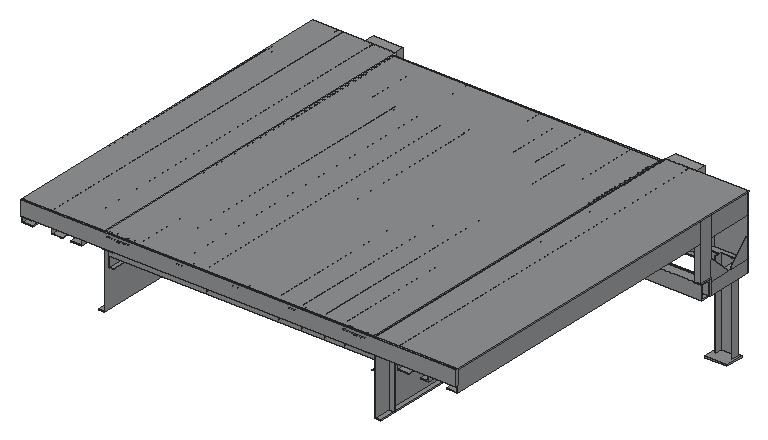
Revit family "ASSA_ABLOY_DockLeveler_DL6120TA", category Generic Models, Revit 2019 (continued)
Dimensions and locks
  plane 4 to SweptBlend 54 sketch curve = 10 mm
  SweptBlend 54 sketch curve to plane 4 = 15.5 mm  (x2)
  SweptBlend 54 sketch curve to plane 4 = 20.5 mm  (x2)
  plane 5 to SweptBlend 53 sketch curve = 15.5 mm
  plane 21 "DoorHeight" to SweptBlend 54 sketch curve = 5 mm
  Sweep 2 to SweptBlend 54 sketch curve = 489 mm
  plane 21 "DoorHeight" to SweptBlend 53 sketch curve = 5 mm
  plane 21 "DoorHeight" to SweptBlend 53 sketch curve = 495 mm
  locked: plane 21 "DoorHeight" to plane 85 at 125
  locked: plane 21 "DoorHeight" to plane 88 at 125
  locked: plane 21 "DoorHeight" to plane 52 at 27.478
  locked: plane 21 "DoorHeight" to plane 56 at 27.457
  plane 6 "Right" to Sweep 16 sketch curve = 13 mm
  Sweep 16 sketch curve to plane 7 "Left" = 13 mm
  "L1Plinth": plane 90 to plane 8 "Back"
  equal spacing: plane 92, plane 3 "Center (Left/Right)", plane 91
  "BetweenPlinth": plane 92 to plane 91
  equal spacing: Sweep 18 sketch curve, Sweep 18 sketch curve, Sweep 18 sketch curve, Sweep 18 sketch curve  (x2)
  equal spacing: Sweep 19 sketch curve, plane 90, Sweep 19 sketch curve  (x2)
  plane 1 "Front" to plane 26 = 75 mm
  "BFive": plane 5 to plane 93
  plane 1 "Front" to Sweep 57 sketch curve = 6 mm
  plane 94 to plane 9 = 40 mm
  "BSix": plane 97 to plane 98
  "BFive": plane 5 to plane 97
  "BFive": plane 100 to plane 4
  "BSix": plane 99 to plane 100
  Sweep 58 sketch curve to Sweep 58 sketch curve = 170 mm
  Sweep 58 sketch curve to Sweep 58 sketch curve = 90 mm
  Sweep 58 sketch curve to Sweep 58 sketch curve = 3 mm  (x2)
  plane 6 "Right" to Sweep 58 sketch curve = 13 mm
  "L1PlinthAngle": plane 90 to plane 101
  Sweep 59 sketch curve to Sweep 59 sketch curve = 12 mm
  Sweep 59 sketch curve to Sweep 59 sketch curve to plane 6 "Right" = 180 mm, 15 mm
  Sweep 59 sketch curve to plane 101 to Sweep 59 sketch curve = 75 mm, 75 mm
  Sweep 59 sketch curve to Sweep 59 sketch curve = 150 mm
  Sweep 60 sketch curve to plane 2 "Ground" = 12 mm
  Sweep 60 sketch curve to Sweep 60 sketch curve to Sweep 60 sketch curve to Sweep 60 sketch curve to plane 6 "Right" = 6 mm, 128 mm, 6 mm, 35 mm
  Sweep 60 sketch curve to Sweep 60 sketch curve to Sweep 60 sketch curve to plane 101 = 6 mm, 54 mm, 5 mm
  Sweep 60 sketch curve to plane 101 = 5 mm
  diameter of Sweep 24 sketch curve = 34.5 mm
  diameter of Sweep 24 sketch curve = 44.5 mm
  diameter of Sweep 23 sketch curve = 34.5 mm
  diameter of Sweep 23 sketch curve = 44.5 mm
  radius of Sweep 30 sketch curve = 21 mm  (x2)
  diameter of Sweep 31 sketch curve = 42 mm  (x2)
  diameter of Sweep 32 sketch curve = 42 mm  (x2)
  radius of Sweep 33 sketch curve = 13 mm
  radius of Sweep 33 sketch curve = 21 mm
  radius of Sweep 34 sketch curve = 13 mm
  radius of Sweep 34 sketch curve = 21 mm
  radius of Sweep 35 sketch curve = 13 mm
  radius of Sweep 35 sketch curve = 21 mm
  radius of Sweep 36 sketch curve = 13 mm
  radius of Sweep 36 sketch curve = 21 mm
  radius of Sweep 46 sketch curve = 25 mm
  radius of Sweep 47 sketch curve = 25 mm
  radius of Sweep 48 sketch curve = 15 mm
  radius of Sweep 49 sketch curve = 15 mm
  radius of Sweep 50 sketch curve = 15 mm
  radius of Sweep 51 sketch curve = 15 mm
  radius of Sweep 52 sketch curve = 9 mm
  radius of Extrusion 55 sketch curve = 31 mm  (x2)
  radius of Extrusion 56 sketch curve = 31 mm  (x2)
  "InstallationAngleLeft": angle plane 7 "Left" to curve 1
  aligned and locked: level to plane 2 "Ground"
  aligned and locked: plane 9 to curve 1
  aligned and locked: plane 7 "Left" to curve 1
  aligned and locked: Sweep 2 sketch curve to plane 11
  aligned and locked: plane 10 to Sweep 2 sketch curve
  aligned and locked: plane 12 to Sweep 2 sketch curve
  aligned and locked: Sweep 2 sketch curve to plane 13
  aligned and locked: plane 14 to Sweep 4 sketch curve
  aligned and locked: Sweep 4 sketch curve to plane 15  (x2)
  aligned and locked: plane 15 to Sweep 4 sketch curve  (x2)
  aligned and locked: Sweep 4 sketch curve to plane 16  (x2)
  aligned and locked: plane 19 to Sweep 4 sketch curve
  aligned and locked: plane 20 to Sweep 4 sketch curve
  aligned and locked: plane 18 to Sweep 4 sketch curve
  aligned and locked: plane 17 to Sweep 4 sketch curve
  aligned and locked: plane 22 "LevelerHeight" to Sweep 3 sketch curve
  aligned and locked: Sweep 3 sketch curve to plane 22 "LevelerHeight"
  aligned and locked: plane 23 to Sweep 2 sketch curve  (x2)
  aligned and locked: Sweep 2 sketch curve to plane 21 "DoorHeight"  (x2)
  aligned and locked: plane 21 "DoorHeight" to Extrusion 1
  aligned and locked: Extrusion 1 to plane 23
  aligned and locked: Sweep 5 sketch curve to plane 22 "LevelerHeight"
  aligned and locked: plane 22 "LevelerHeight" to Sweep 5 sketch curve
  aligned and locked: Sweep 6 sketch curve to Sweep 4  (x12)
  aligned and locked: Sweep 6 sketch curve to Sweep 3  (x3)
  aligned and locked: Sweep 4 to Sweep 6 sketch curve
  aligned and locked: plane 22 "LevelerHeight" to Sweep 7 sketch curve
  aligned and locked: plane 23 to Sweep 7 sketch curve
  aligned and locked: Sweep 7 sketch curve to Sweep 2  (x2)
  aligned and locked: Sweep 2 to Sweep 7 sketch curve  (x2)
  aligned and locked: Sweep 8 sketch curve to plane 22 "LevelerHeight"  (x3)
  aligned and locked: plane 22 "LevelerHeight" to Sweep 8 sketch curve  (x2)
  aligned and locked: Sweep 9 sketch curve to plane 22 "LevelerHeight"
  aligned and locked: plane 22 "LevelerHeight" to Sweep 10 sketch curve
  aligned and locked: Sweep 10 sketch curve to Sweep 8
  aligned and locked: plane 6 "Right" to Extrusion 1 sketch curve
  aligned and locked: curve 1 to Extrusion 1 sketch curve
  aligned and locked: Sweep 12 sketch curve to plane 23  (x2)
  aligned and locked: plane 22 "LevelerHeight" to Sweep 14 sketch curve
  aligned and locked: Sweep 14 sketch curve to plane 22 "LevelerHeight"
  aligned and locked: Sweep 15 sketch curve to plane 23
  aligned and locked: Sweep 16 sketch curve to plane 23
  aligned and locked: Sweep 17 sketch curve to plane 23  (x2)
  aligned and locked: plane 23 to Sweep 17 sketch curve
  aligned and locked: plane 25 to Sweep 18 sketch curve
  aligned and locked: Sweep 18 sketch curve to plane 26  (x2)
  aligned and locked: plane 2 "Ground" to Sweep 19 sketch curve
  aligned and locked: plane 23 to Sweep 3 sketch curve
  aligned and locked: Sweep 3 sketch curve to plane 23
  aligned and locked: Sweep 20 sketch curve to plane 22 "LevelerHeight"
  aligned and locked: Sweep 20 to Sweep 21 sketch curve
  aligned and locked: Sweep 21 sketch curve to plane 22 "LevelerHeight"
  aligned and locked: cut or joined group of Sweep 20, Sweep 21 to Sweep 22 sketch curve
  aligned and locked: Sweep 22 sketch curve to plane 22 "LevelerHeight"
  aligned and locked: plane 22 "LevelerHeight" to Sweep 22 sketch curve
  aligned and locked: plane 1 "Front" to Sweep 2 sketch curve
  aligned and locked: Sweep 2 sketch curve to plane 34
  aligned and locked: plane 35 to Sweep 3 sketch curve
  aligned and locked: plane 36 to Sweep 17 sketch curve
  aligned and locked: Sweep 7 sketch curve to plane 1 "Front"  (x2)
  aligned and locked: plane 37 to Sweep 16 sketch curve
  aligned and locked: plane 1 "Front" to Sweep 27 sketch curve
  aligned and locked: plane 21 "DoorHeight" to Sweep 27 sketch curve
  aligned and locked: Sweep 27 sketch curve to plane 21 "DoorHeight"
  aligned and locked: Sweep 28 sketch curve to plane 8 "Back"
  aligned and locked: plane 21 "DoorHeight" to Sweep 28 sketch curve
  aligned and locked: Sweep 29 sketch curve to plane 8 "Back"  (x2)
  aligned and locked: plane 41 to Sweep 29 sketch curve
  aligned and locked: Sweep 29 sketch curve to plane 42
  aligned and locked: plane 43 to Sweep 29 sketch curve
  aligned and locked: Sweep 29 sketch curve to plane 44
  aligned and locked: plane 8 "Back" to Sweep 29 sketch curve  (x2)
  aligned and locked: Sweep 29 sketch curve to Sweep 29 sketch curve
  aligned and locked: plane 46 to Sweep 29 sketch curve
  aligned and locked: plane 45 to Sweep 29 sketch curve
  aligned and locked: plane 53 to Sweep 34 sketch curve
  aligned and locked: Sweep 33 sketch curve to plane 51
  aligned and locked: Sweep 37 sketch curve to Sweep 28
  aligned and locked: Sweep 28 to Sweep 38 sketch curve
  aligned and locked: Sweep 42 sketch curve to Sweep 7  (x2)
  aligned and locked: Sweep 42 sketch curve to Sweep 17  (x2)
  aligned and locked: Sweep 43 to Sweep 44 sketch curve  (x3)
  aligned and locked: Sweep 5 to Sweep 43 sketch curve
  aligned and locked: Sweep 44 to Sweep 45 sketch curve
  aligned and locked: Sweep 45 sketch curve to Sweep 43  (x2)
  aligned and locked: Sweep 43 to Sweep 45 sketch curve
  aligned and locked: Sweep 45 to Sweep 49 sketch curve
  aligned and locked: Sweep 45 to Sweep 50 sketch curve
  aligned and locked: Sweep 45 to Sweep 51 sketch curve
  aligned and locked: Sweep 44 sketch curve to Sweep 43  (x2)
  aligned and locked: Sweep 45 to Sweep 48 sketch curve
  aligned and locked: plane 1 "Front" to SweptBlend 53 sketch curve
  aligned and locked: plane 1 "Front" to SweptBlend 54 sketch curve
  aligned and locked: SweptBlend 54 sketch curve to plane 21 "DoorHeight"
  aligned and locked: plane 91 to Sweep 18 sketch curve
  aligned and locked: Sweep 18 sketch curve to plane 92
  aligned and locked: plane 21 "DoorHeight" to SweptBlend 53 sketch curve
  aligned and locked: plane 93 to Sweep 17 sketch curve
  aligned and locked: plane 94 to Sweep 57 sketch curve
  aligned and locked: Sweep 57 sketch curve to plane 23
  aligned and locked: plane 98 to Sweep 57 sketch curve
  aligned and locked: Sweep 57 sketch curve to plane 99
  aligned and locked: Sweep 58 sketch curve to Extrusion 1  (x2)
  aligned and locked: Extrusion 1 to Sweep 58 sketch curve
  aligned and locked: plane 23 to Sweep 58 sketch curve
  aligned and locked: plane 2 "Ground" to Sweep 59 sketch curve
  aligned and locked: plane 23 to Sweep 60 sketch curve
  aligned and locked: plane 8 "Back" to nested 1
  aligned and locked: plane 3 "Center (Left/Right)" to nested 1
  aligned and locked: nested 1 to plane 2 "Ground"
Automatic sketch dimensions
  Sweep 2 sketch curve to plane 5 = 0 mm
  Sweep 3 sketch curve to plane 3 "Center (Left/Right)" = 0 mm
  Sweep 5 sketch curve to profile plane = 5 mm
  Sweep 5 sketch curve to Sweep 5 sketch curve = 5 mm  (x3)
  plane 1 "Front" to Sweep 6 sketch curve = 433 mm
  Sweep 7 sketch curve to plane 3 "Center (Left/Right)" = 0 mm
  Sweep 8 sketch curve to Sweep 8 sketch curve = 6 mm  (x10)
  profile plane to Sweep 8 sketch curve = 6 mm  (x2)
  profile plane to Sweep 9 sketch curve = 0 mm
  plane 1 "Front" to Sweep 9 sketch curve = 12 mm
  Sweep 10 sketch curve to Sweep 10 sketch curve = 44 mm
  Sweep 14 sketch curve to plane 5 = 0 mm
  Sweep 14 sketch curve to Sweep 14 sketch curve = 120 mm  (x2)
  Sweep 18 sketch curve to plane 3 "Center (Left/Right)" = 0 mm
  plane 7 "Left" to Sweep 19 sketch curve = 200 mm
  Sweep 21 sketch curve to plane 4 = 115 mm
  Sweep 21 sketch curve to plane 22 "LevelerHeight" = 0 mm
  Sweep 22 sketch curve to plane 75 = 65.5 mm
  Sweep 23 sketch curve to Sweep 23 sketch curve = 0 mm  (x2)
  Sweep 23 sketch curve to profile plane = 0 mm
  plane 31 to Sweep 23 sketch curve = 0 mm
  Sweep 24 sketch curve to Sweep 24 sketch curve = 0 mm  (x2)
  Sweep 24 sketch curve to profile plane = 0 mm
  Sweep 24 sketch curve to plane 33 = 0 mm
  plane 1 "Front" to Sweep 25 sketch curve = 197.5 mm
  Sweep 26 sketch curve to plane 1 "Front" = 197.5 mm
  plane 47 to Sweep 30 sketch curve = 0 mm
  Sweep 30 sketch curve to plane 48 = 0 mm
  Sweep 31 sketch curve to profile plane = 0 mm
  plane 49 to Sweep 31 sketch curve = 0 mm
  Sweep 32 sketch curve to profile plane = 0 mm
  Sweep 32 sketch curve to plane 50 = 0 mm
  Sweep 33 sketch curve to Sweep 33 sketch curve = 0 mm  (x2)
  Sweep 33 sketch curve to profile plane = 0 mm
  plane 52 to Sweep 33 sketch curve = 0 mm
  Sweep 34 sketch curve to Sweep 34 sketch curve = 0 mm  (x2)
  Sweep 34 sketch curve to profile plane = 0 mm
  Sweep 34 sketch curve to plane 54 = 0 mm
  Sweep 35 sketch curve to Sweep 35 sketch curve = 0 mm  (x2)
  Sweep 35 sketch curve to profile plane = 0 mm
  plane 56 to Sweep 35 sketch curve = 0 mm
  Sweep 36 sketch curve to Sweep 36 sketch curve = 0 mm  (x2)
  Sweep 36 sketch curve to profile plane = 0 mm
  Sweep 36 sketch curve to plane 58 = 0 mm
  plane 1 "Front" to Sweep 39 sketch curve = 722.355 mm
  Sweep 40 sketch curve to plane 1 "Front" = 722.355 mm
  plane 1 "Front" to Sweep 44 sketch curve = 459 mm
  profile plane to Sweep 44 sketch curve = 41 mm  (x2)
  profile plane to Sweep 44 sketch curve = 1 mm  (x2)
  Sweep 45 sketch curve to Sweep 45 sketch curve = 6 mm  (x4)
  Sweep 45 sketch curve to profile plane = 6 mm  (x2)
  Sweep 46 sketch curve to plane 4 = 84.5 mm
  Sweep 46 sketch curve to Sweep 46 sketch curve = 20 mm
  plane 1 "Front" to Sweep 52 sketch curve = 379 mm
  Sweep 3 sketch curve to Sweep 3 sketch curve = 46 mm
  plane 1 "Front" to Sweep 19 sketch curve = 65 mm  (x2)
  Sweep 4 sketch curve to plane 3 "Center (Left/Right)" = 0 mm
  Sweep 4 sketch curve to plane 16 = 0 mm  (x2)
  profile plane to Sweep 11 sketch curve = 0 mm  (x2)
  Sweep 11 sketch curve to Sweep 11 sketch curve = 6 mm
  Sweep 12 sketch curve to profile plane = 0 mm
  Sweep 13 sketch curve to plane 23 = 170 mm
  Sweep 15 sketch curve to profile plane = 0 mm  (x2)
  Sweep 16 sketch curve to profile plane = 0 mm  (x2)
  profile plane to Sweep 27 sketch curve = 0 mm
  plane 7 "Left" to Sweep 42 sketch curve = 210 mm
  Sweep 42 sketch curve to profile plane = 0 mm
  Sweep 42 sketch curve to Sweep 42 sketch curve = 201.593 mm
  SweptBlend 53 sketch curve to profile plane = 10.5 mm
  SweptBlend 53 sketch curve to SweptBlend 53 sketch curve = 240 mm
  plane 84 to Extrusion 55 sketch curve = 0 mm
  Extrusion 55 sketch curve to plane 84 = 0 mm
  Extrusion 55 sketch curve to plane 86 = 0 mm
  Extrusion 55 sketch curve to plane 85 = 0 mm
  plane 87 to Extrusion 56 sketch curve = 0 mm  (x2)
  Extrusion 56 sketch curve to plane 89 = 0 mm
  Extrusion 56 sketch curve to plane 88 = 0 mm
  Sweep 59 sketch curve to plane 6 "Right" = 40 mm
  Sweep 60 sketch curve to plane 6 "Right" = 75 mm
  Sweep 18 sketch curve to Sweep 18 sketch curve = 6 mm  (x3)
  Sweep 18 sketch curve to plane 92 = 6 mm
  Sweep 18 sketch curve to plane 26 = 6 mm  (x2)
  Sweep 29 sketch curve to Sweep 29 sketch curve = 50 mm
  Sweep 31 sketch curve to Sweep 31 sketch curve = 122 mm
  Sweep 32 sketch curve to Sweep 32 sketch curve = 122 mm
  Sweep 39 sketch curve to plane 63 = 3 mm
  plane 59 to Sweep 39 sketch curve = 3 mm
  plane 60 to Sweep 39 sketch curve = 3 mm
  Sweep 39 sketch curve to plane 62 = 3 mm
  plane 66 to Sweep 40 sketch curve = 3 mm
  Sweep 40 sketch curve to plane 65 = 3 mm
  Sweep 40 sketch curve to plane 64 = 3 mm
  plane 67 to Sweep 40 sketch curve = 3 mm
  Sweep 43 sketch curve to plane 90 = 319 mm
  Sweep 43 sketch curve to profile plane = 0 mm  (x4)
  Sweep 43 sketch curve to Sweep 43 sketch curve = 5.5 mm  (x6)
  Sweep 46 sketch curve to profile plane = 0 mm
  plane 69 to Sweep 46 sketch curve = 0 mm
  Sweep 47 sketch curve to profile plane = 0 mm
  plane 71 to Sweep 47 sketch curve = 0 mm
  Sweep 48 sketch curve to profile plane = 0 mm
  Sweep 48 sketch curve to plane 74 = 0 mm
  Sweep 49 sketch curve to profile plane = 0 mm
  plane 77 to Sweep 49 sketch curve = 0 mm
  Sweep 50 sketch curve to profile plane = 0 mm
  plane 79 to Sweep 50 sketch curve = 0 mm
  Sweep 51 sketch curve to profile plane = 0 mm
  Sweep 51 sketch curve to plane 81 = 0 mm
  Sweep 52 sketch curve to profile plane = 0 mm
  Sweep 52 sketch curve to plane 83 = 0 mm
  Sweep 57 sketch curve to profile plane = 0 mm  (x2)
  plane 98 to Sweep 57 sketch curve = 3 mm
  Sweep 57 sketch curve to Sweep 57 sketch curve = 167 mm
  plane 99 to Sweep 57 sketch curve = 65 mm
  Sweep 57 sketch curve to profile plane = 167 mm
  Sweep 57 sketch curve to Sweep 57 sketch curve = 3 mm  (x2)
  Sweep 57 sketch curve to Sweep 57 sketch curve = 87 mm
  plane 99 to Sweep 57 sketch curve = 3 mm
Nested families
  nested 1: "DL6120TA_LevelerTop" at (0, 0, 1192), Tappered150OptionSS <- "Tapered150OptionSS", Tappered100OptionS <- "Tapered100OptionS", AboveDeckLevel <- "AboveDeckLevel", BelowDeckLevel <- "BelowDeckLevel", RestingPosition <- "RestingPosition", Iron <- "Iron", NominalLengthWanted <- "NominalLengthWanted", LevelerWidthWanted <- "LevelerWidth", type <- "LipType", DockHeight <- "DockHeight", LTwoUPNHeight <- "LTwoUPNHeight", type "DL6120TA_LipSteelLL1000"
    with VerticalWorkingRange "Above Deck = 0 to 660mm, Below Deck = 0 to -440mm", UPNLengthLocation 2411 mm, UPNHeightLocation 119 mm, ToeGuardLength 1380 mm, ToeGuardHeight 215 mm, ToeGuardBelowLevel no, ToeGuardAboveLevel yes, TearPlateThicknessWanted 8 mm, TearPlateThickness 8 mm, TearPlateLength 2974 mm, Tappered150OptionSS no, Tappered100OptionS no, TaperedCutter 5 mm, StrengthenerLocation 1530 mm, StrengthenerLip500Position 1406 mm, StrengthenerLength 400 mm, StrengthenerHeight 178 mm, StandardPlate yes, SideTubePosition 101 mm, SideTubeLength 1061 mm, SideTubeHeight 60 mm, SidePlateLength 2934 mm, SidePlateHeight 278 mm, STwo 296.5 mm, SThree 486.5 mm, SFour 651.5 mm, Rtwo 295 mm, RestingPosition yes, ReinforcementThickness 2.449 mm, ReinforcementFour yes, Reinforcement Height 170 mm, RThree 485 mm, RFour 675 mm, R4Lip 581.5 mm, R3Lip 406.5 mm, R2Lip 204 mm, PlatformAngleTemporary 0.00°, PlatformAngle 0.00°, Plate50x100 208 mm, Plate10Length 1100 mm, Plate1000Location 2934 mm, OptionForNominalLength "2000,2450,3000", OptionForLevelerWidth "2000,2200", NominalLengthWanted 3000 mm, NominalLength 3000 mm, LipTapperedCutter 788 mm, LipSupportLength 1260 mm, LipSupport yes, LipSteel yes, LipSeelLocation 2144 mm, LipRestPosition 2666 mm, LipLength 1000 mm, LipLL1000CutterHeight 130 mm, LipHeightLocation 257 mm, LiftCylinderSupportLocation 1730 mm, LiftCylinderSupportHeght 198 mm, LevelerWidthWanted 2200 mm, LevelerWidth 2200 mm, LevelerHeight 800 mm, LevelLiner no, LTwoUPNHeight 191 mm, Iron Iron leveller, IStrengthenerlip500Location 2116 mm, ErgoPlate no, DockHeight 1200 mm, Belvelment 100 mm, BelowDeckLevel no, AngleLipSupport yes, ActualVerticalWorkingRange 0 mm, AboveDeckLevel yes
Definition of nested family "DL6120TA_LevelerTop"
  Parameters (values of type "DL6120TA_LipSteelLL500")
    VerticalWorkingRange [instance] = "Above Deck = 0 to 660mm, Below Deck = 0 to -440mm"  # constant formula
    UPNLengthLocation [instance] = NominalLength - 589 mm  # 1861 mm
    UPNHeightLocation [instance] = 119 mm
    ToeGuardLength [instance] = if(NominalLength > 3000 mm, 2450 mm, 1380 mm)  # 1380 mm
    ToeGuardHeight [instance] = if(NominalLength > 3000 mm, 353 mm, 215 mm)  # 215 mm
    ToeGuardBelowLevel [instance] = not(ToeGuardAboveLevel)  # no
    ToeGuardAboveLevel [instance] = yes
    TearPlateThicknessWanted [instance] = 8 mm  # constant formula
    TearPlateThickness [instance] = 8 mm  # constant formula
    TearPlateLength [instance] = NominalLength - 26 mm  # 2424 mm
    Tappered150OptionSS [instance] = no
    Tappered100OptionS [instance] = no
    TaperedCutter [instance] = if(RestingPosition, 5 mm, if(Tappered100OptionS, 110 mm, if(Tappered150OptionSS, 160 mm, 5 mm)))  # 5 mm
    StrengthenerLocation [instance] = LiftCylinderSupportLocation - (StrengthenerLength / 2)  # 1000 mm
    StrengthenerLip500Position [instance] = if(and(not(RestingPosition), LipErgoSteelLL345), NominalLength - 671 mm, if(and(not(RestingPosition), LipSteelLL500), NominalLength - 576 mm, if(and(not(RestingPosition), LipSteelLL1000), NominalLength - 576 mm, if(and((RestingPosition), LipSteelLL1000), NominalLength - 1594 mm, if(and((RestingPosition), LipErgoSteelLL345), NominalLength - 1034 mm, NominalLength - 1094 mm)))))  # 1874 mm
    StrengthenerLength [instance] = if(NominalLength < 4000 mm, 400 mm, 800 mm)  # 400 mm
    StrengthenerHeight [instance] = 170 mm + TearPlateThickness  # 178 mm
    StandardPlate [instance] = or(LipSteelLL1000, LipSteelLL500)  # yes
    SideTubePosition [instance] = 101 mm
    SideTubeLength [instance] = if(LipLength = 1200 mm, 1261 mm, 1061 mm)  # 1061 mm
    SideTubeHeight [instance] = if(StandardPlate, 60 mm, 40 mm)  # 60 mm
    SidePlateLength [instance] = if(StandardPlate, NominalLength - 66 mm, NominalLength - 72 mm)  # 2384 mm
    SidePlateHeight [instance] = 270 mm + TearPlateThickness  # 278 mm
    STwo [instance] = if(LevelerWidth = 1750 mm, 286.5 mm, if(LevelerWidth = 2000 mm, 331.5 mm, if(LevelerWidth = 2200 mm, 296.5 mm, 306.5 mm)))  # 331.5 mm
    SThree [instance] = if(LevelerWidth = 1750 mm, 461.5 mm, if(LevelerWidth = 2000 mm, 551.5 mm, if(LevelerWidth = 2200 mm, 486.5 mm, 501.5 mm)))  # 551.5 mm
    SFour [instance] = if(LevelerWidth > 2200 mm, 696.5 mm, 651.5 mm)  # 651.5 mm
    Rtwo [instance] = if(LevelerWidth = 1750 mm, 285 mm, if(LevelerWidth = 2000 mm, 330 mm, if(LevelerWidth = 2200 mm, 295 mm, 305 mm)))  # 330 mm
    RestingPosition [instance] = no
    ReinforcementThickness [instance] = 2.449 mm
    ReinforcementFour [instance] = LevelerWidth > 2150 mm  # no
    Reinforcement Height [instance] = 170 mm
    RThree [instance] = if(LevelerWidth = 1750 mm, 460 mm, if(LevelerWidth = 2000 mm, 550 mm, if(LevelerWidth = 2200 mm, 485 mm, 500 mm)))  # 550 mm
    RFour [instance] = if(LevelerWidth = 2200 mm, 675 mm, 695 mm)  # 695 mm
    R4Lip [instance] = if(LevelerWidth = 1750 mm, 557.5 mm, if(LevelerWidth = 2000 mm, 656.5 mm, if(LevelerWidth = 2200 mm, 581.5 mm, 599 mm)))  # 656.5 mm
    R3Lip [instance] = if(LevelerWidth = 1750 mm, 406.5 mm, if(LevelerWidth = 2000 mm, 441.5 mm, if(LevelerWidth = 2200 mm, 406.5 mm, 404 mm)))  # 441.5 mm
    R2Lip [instance] = if(LevelerWidth = 1750 mm, 220 mm, if(LevelerWidth = 2000 mm, 221.5 mm, if(LevelerWidth = 2200 mm, 204 mm, 209 mm)))  # 221.5 mm
    PlatformAngleTemporary [instance] = atan(ActualVerticalWorkingRange / NominalLength)  # 9.95461°
    PlatformAngle [instance] = if(PlatformAngleTemporary < 0.00°, PlatformAngleTemporary + 360.00°, PlatformAngleTemporary)  # 9.95461°
    Plate50x100 [instance] = 200 mm + TearPlateThickness  # 208 mm
    Plate10Length [instance] = if(NominalLength = 2300 mm, 1130 mm, if(NominalLength < 2300 mm, 1100 mm, 1100 mm))  # 1100 mm
    Plate1000Location [instance] = if(and(not(RestingPosition), LipSteelLL1000), NominalLength + 684 mm, if(and(RestingPosition, LipSteelLL1000), NominalLength - 66 mm, NominalLength - 66 mm))  # 2384 mm
    OptionForLevelerWidth [instance] = "2000,2200"  # constant formula
    OptionForNominalLength [instance] = "2000,2450,3000"  # constant formula
    LevelerWidthWanted [instance] = 2000 mm
    LevelerWidth [instance] = if(LevelerWidthWanted < 2100 mm, 2000 mm, 2200 mm)  # 2000 mm
    NominalLengthWanted [instance] = 2450 mm
    NominalLength [instance] = if(NominalLengthWanted < 2225 mm, 2000 mm, if(NominalLengthWanted < 2725 mm, 2450 mm, 3000 mm))  # 2450 mm
    LipTapperedCutter [instance] = if(LipSteelLL1000, 788 mm, if(LipErgoSteelLL345, 139 mm, 288 mm))  # 288 mm
    LipSupportLength [instance] = if(LipSteelLL500, 760 mm, if(LipSteelLL1000, 1260 mm, 700 mm))  # 760 mm
    LipSupport [instance] = yes
    LipSteelLL500 = yes
    LipSteelLL1000 = no
    LipSteel [instance] = yes
    LipSeelLocation [instance] = if(and(RestingPosition, LipSteelLL500), NominalLength - 584 mm, if(and(RestingPosition, LipErgoSteelLL345), NominalLength - 584 mm, if(and(RestingPosition, LipSteelLL1000), NominalLength - 856 mm, if(LipSteelLL500, NominalLength - 66 mm, if(LipErgoSteelLL345, NominalLength - 221 mm, if(LipSteelLL1000, NominalLength - 106 mm, NominalLength - 584 mm))))))  # 2384 mm
    LipLength [instance] = if(LipSteelLL500, 500 mm, if(LipSteelLL1000, 1000 mm, 345 mm))  # 500 mm
    LipLL1000CutterHeight [instance] = if(and(LipSteelLL1000, LevelerWidth > 2100 mm), 130 mm, 50 mm)  # 50 mm
    LipHeightLocation [instance] = if(and(not(RestingPosition), (LipErgoSteelLL345)), (257 mm + TearPlateThickness), if(and(RestingPosition, LipErgoSteelLL345), (249 mm + TearPlateThickness), if(RestingPosition, (249 mm + TearPlateThickness), (249 mm + TearPlateThickness))))  # 257 mm
    LipErgoSteelLL345 = no
    LiftCylinderSupportLocation [instance] = if(and(NominalLength = 2000 mm, LevelerHeight = 600 mm), 980 mm, if(and(NominalLength = 2000 mm, LevelerHeight = 700 mm), 955 mm, if(and(NominalLength = 2450 mm, LevelerHeight = 600 mm), 1125 mm, if(and(NominalLength = 2450 mm, LevelerHeight = 700 mm), 1200 mm, if(and(NominalLength = 3000 mm, LevelerHeight = 600 mm), 1380 mm, if(and(NominalLength = 3000 mm, LevelerHeight = 800 mm), 1730 mm, if(NominalLength = 3500 mm, 1730 mm, if(NominalLength = 4000 mm, 2550 mm, if(NominalLength = 4500 mm, 2610 mm, 1125 mm)))))))))  # 1200 mm
    LiftCylinderSupportHeght [instance] = 190 mm + TearPlateThickness  # 198 mm
    LevelerHeightWanted = 700 mm
    LevelerHeight [instance] = if(and(NominalLength < 3001 mm, LevelerHeightWanted < 650 mm), 600 mm, if(and(NominalLength < 2500 mm, LevelerHeightWanted > 650 mm), 700 mm, 800 mm))  # 700 mm
    LevelLiner [instance] = and(LipErgoSteelLL345, not(RestingPosition))  # no
    LTwoUPNHeight [instance] = 225 mm
    Iron [instance] = none
    IStrengthenerlip500Location [instance] = if(and(not(RestingPosition), (LipSteelLL500)), (NominalLength - 366 mm), if(and(not(RestingPosition), (LipSteelLL1000)), (NominalLength + 134 mm), (NominalLength - 884 mm)))  # 2084 mm
    ErgoPlate [instance] = LipErgoSteelLL345  # no
    DockHeight [instance] = 1200 mm
    Belvelment [instance] = 100 mm  # constant formula
    BelowDeckLevel [instance] = no
    AngleLipSupport [instance] = yes
    ActualVerticalWorkingRange [instance] = if(RestingPosition, 0 mm, if(LevelerHeight = 600 mm, if(and(NominalLength = 2000 mm, LipLength = 500 mm, BelowDeckLevel), -310 mm, if(and(NominalLength = 2000 mm, LipLength = 500 mm, AboveDeckLevel), 310 mm, if(and(NominalLength = 2000 mm, LipLength = 1000 mm, BelowDeckLevel), -370 mm, if(and(NominalLength = 2000 mm, LipLength = 1000 mm, AboveDeckLevel), 380 mm, if(and(NominalLength = 2000 mm, LipLength = 345 mm, BelowDeckLevel), -280 mm, if(and(NominalLength = 2000 mm, LipLength = 345 mm, AboveDeckLevel), 270 mm, if(and(NominalLength = 2450 mm, LipLength = 500 mm, BelowDeckLevel), -250 mm, if(and(NominalLength = 2450 mm, LipLength = 500 mm, AboveDeckLevel), 390 mm, if(and(NominalLength = 2450 mm, LipLength = 1000 mm, BelowDeckLevel), -290 mm, if(and(NominalLength = 2450 mm, LipLength = 1000 mm, AboveDeckLevel), 470 mm, if(and(NominalLength = 2450 mm, LipLength = 345 mm, BelowDeckLevel), -225 mm, if(and(NominalLength = 2450 mm, LipLength = 345 mm, AboveDeckLevel), 360 mm, if(and(NominalLength = 3000 mm, LipLength = 500 mm, BelowDeckLevel), -230 mm, if(and(NominalLength = 3000 mm, LipLength = 500 mm, AboveDeckLevel), 370 mm, if(and(NominalLength = 3000 mm, LipLength = 1000 mm, BelowDeckLevel), -250 mm, if(and(NominalLength = 3000 mm, LipLength = 1000 mm, AboveDeckLevel), 430 mm, if(and(NominalLength = 3000 mm, LipLength = 345 mm, BelowDeckLevel), -210 mm, if(and(NominalLength = 3000 mm, LipLength = 345 mm, AboveDeckLevel), 350 mm, 350 mm)))))))))))))))))), if(LevelerHeight = 700 mm, if(and(NominalLength = 2000 mm, LipLength = 500 mm, BelowDeckLevel), -400 mm, if(and(NominalLength = 2000 mm, LipLength = 500 mm, AboveDeckLevel), 340 mm, if(and(NominalLength = 2000 mm, LipLength = 1000 mm, BelowDeckLevel), -470 mm, if(and(NominalLength = 2000 mm, LipLength = 1000 mm, AboveDeckLevel), 420 mm, if(and(NominalLength = 2000 mm, LipLength = 345 mm, BelowDeckLevel), -360 mm, if(and(NominalLength = 2000 mm, LipLength = 345 mm, AboveDeckLevel), 310 mm, if(and(NominalLength = 2450 mm, LipLength = 500 mm, BelowDeckLevel), -370 mm, if(and(NominalLength = 2450 mm, LipLength = 500 mm, AboveDeckLevel), 430 mm, if(and(NominalLength = 2450 mm, LipLength = 1000 mm, BelowDeckLevel), -420 mm, if(and(NominalLength = 2450 mm, LipLength = 1000 mm, AboveDeckLevel), 520 mm, if(and(NominalLength = 2450 mm, LipLength = 345 mm, BelowDeckLevel), -340 mm, if(and(NominalLength = 2450 mm, LipLength = 345 mm, AboveDeckLevel), 400 mm, 400 mm)))))))))))), if(LevelerHeight = 800 mm, if(and(NominalLength = 3000 mm, LipLength = 500 mm, BelowDeckLevel), -400 mm, if(and(NominalLength = 3000 mm, LipLength = 500 mm, AboveDeckLevel), 450 mm, if(and(NominalLength = 3000 mm, LipLength = 1000 mm, BelowDeckLevel), -450 mm, if(and(NominalLength = 3000 mm, LipLength = 1000 mm, AboveDeckLevel), 520 mm, if(and(NominalLength = 3000 mm, LipLength = 345 mm, BelowDeckLevel), -360 mm, if(and(NominalLength = 3000 mm, LipLength = 345 mm, AboveDeckLevel), 420 mm, 420 mm)))))), 0 mm))))  # 430 mm
    LipRestPosition [instance] = if(and(not(RestingPosition), LipSteelLL500), (NominalLength + 184 mm), if(and(not(RestingPosition), LipSteelLL1000), (NominalLength + 684 mm), if(and(not(RestingPosition), LipErgoSteelLL345), (NominalLength + 29 mm), NominalLength - 334 mm)))  # 2634 mm
    AboveDeckLevel [instance] = yes
  Types (3, lengths in mm): name | StrengthenerLip500Position | StandardPlate | SideTubeHeight | SidePlateLength | PlatformAngleTemporary | PlatformAngle | Plate1000Location | LipTapperedCutter | LipSupportLength | LipSteelLL500 | LipSteelLL1000 | LipSeelLocation | LipLength | LipHeightLocation | LipErgoSteelLL345 | LevelLiner | LTwoUPNHeight | IStrengthenerlip500Location | ErgoPlate | DockHeight | ActualVerticalWorkingRange | LipRestPosition
    DL6120TA_LipSteelLL500 | 1874 | yes | 60 | 2384 | 9.95461° | 9.95461° | 2384 | 288 | 760 | yes | no | 2384 | 500 | 257 | no | no | 225 | 2084 | no | 1200 | 430 | 2634
    DL6120TA_LipSteelLL1000 | 1874 | yes | 60 | 2384 | 11.9829° | 11.9829° | 3134 | 788 | 1260 | no | yes | 2344 | 1000 | 257 | no | no | 225 | 2584 | no | 1100 | 520 | 3134
    DL6120TA_LipErgoSteelLL345 | 1779 | no | 40 | 2378 | 9.2726° | 9.2726° | 2384 | 139 | 700 | no | no | 2229 | 345 | 265 | yes | yes | 216 | 1566 | yes | 1100 | 400 | 2479
  Reference planes
    plane 1 "Center (Front/Back)": y = 0
    plane 2 "Ground": z = 0
    plane 3 "Center (Left/Right)": x = 0
    plane 4 "R": x = 1000
    plane 5 "L": x = -1000
    plane 6 "Back": y = -2450
    plane 7: y = -2416
    plane 8 "top": z = 8
    plane 9: x = 995
    plane 10: x = 960
    plane 11: x = -995
    plane 12: x = -960
    plane 13: x = 985
    plane 14: x = -985
    plane 15: x = 925
    plane 16: x = 930
    plane 17: x = 980
    plane 18: x = -925
    plane 19: x = -980
    plane 20: x = -930
    plane 21: x = -855.895
    plane 22: x = 996
    plane 23: x = -996
    plane 24: x = 751
    plane 25: x = -751
    plane 26: x = 839.5
    plane 27: x = 907.5
    plane 28 "UPNR": x = 978.5
    plane 29 "UPNL": x = -978.5
    plane 30 "R1": x = 110
    plane 31 "R2": x = 330
    plane 32 "R3": x = 550
    plane 33 "Rext": x = 738.5
    plane 34 "R6": x = -110
    plane 35 "R7": x = -330
    plane 36 "R8": x = -550
    plane 37 "R9": x = -738.5
    plane 38: x = 695
    plane 39: x = -695
    plane 40: x = 765
    plane 41: x = -765
    plane 42: x = 130
    plane 43: x = 787.5
    plane 44: x = -130
    plane 45: x = -787.5
    plane 46: x = 1001
    plane 47: x = -1001
    plane 48: x = -1002
    plane 49: x = 1002
    plane 50 "TearPlateLip500R": x = 982.5
    plane 51 "TearPlateLip500L": x = -982.5
    plane 52: x = 922.5
    plane 53: x = -922.5
    plane 54: x = 100
    plane 55: x = -100
    plane 56 "R2LIPR": x = 221.5
    plane 57 "R2LIPL": x = -221.5
    plane 58 "R3LIPR": x = 441.5
    plane 59 "R3LIPL": x = -441.5
    plane 60 "R4LIPR": x = 656.5
    plane 61 "R4LIPL": x = -656.5
    plane 62: y = 12
    plane 63: z = 668
    plane 64: z = -452
    plane 65: z = 668
    plane 66: z = -452
    plane 67: x = 872.5
    plane 68: x = 937.5
    plane 69: x = -937.5
    plane 70: x = -872.5
    plane 71: z = 668
    plane 72: z = -452
    plane 73: z = 668
    plane 74: z = -452
    plane 75: x = -1032.5
    plane 76: x = -964.059
    plane 77: x = -907.5
    plane 78: x = -992.5
    plane 79: x = -882.5
    plane 80: x = 882.5
    plane 81: x = -1006
    plane 82: x = 1006
    plane 83: x = -111.5
    plane 84: x = 111.5
    plane 85: x = 331.5
    plane 86: x = -331.5
    plane 87: x = 551.5
    plane 88: x = -551.5
    plane 89: x = 761.5
    plane 90: x = -761.5
    plane 91: x = -1006
    plane 92: x = 651.5
    plane 93: x = -651.5
    plane 94: z = -1192
  Forms (mm)
    Extrusion 1, solid, material <- "Iron", visible <- "StandardPlate"
      sketch origin (0, -2450, 8) x (0, 0.984945, 0.172868) y (0, -0.172868, 0.984945)
        loop
          line (0, 0) -> (0, -8) -> (2424, -8) -> (2424, -5) -> (2403.626, 0) -> (0, 0)
      from -1000 to 1000
    Extrusion 2, solid, material <- "Iron", visible <- "ErgoPlate"
      sketch origin (0, -2450, 8) x (0, 0.984945, 0.172868) y (0, -0.172868, 0.984945)
        loop
          line (0, -8) -> (2418, -8) -> (2424, -2) -> (2424, 0) -> (0, 0) -> (0, -8)
      from -1000 to 1000
    Extrusion 3, solid, material <- "Iron"
      sketch origin (0, -2450, 8) x (0, 0.984945, 0.172868) y (0, -0.172868, 0.984945)
        loop
          line (2424, -278) -> (2424, -8) -> (40, -8) -> (40, -278) -> (2424, -278)
      from 995 to 1000
    Extrusion 4, solid, material <- "Iron"
      sketch origin (0, -2450, 8) x (0, 0.984945, 0.172868) y (0, -0.172868, 0.984945)
        loop
          line (40, -278) -> (2418, -278) -> (2418, -273) -> (40, -273) -> (40, -278)
      from 960 to 1000
    Extrusion 5, solid, material <- "Iron"
      sketch origin (0, -2450, 8) x (0, 0.984945, 0.172868) y (0, 0.172868, -0.984945)
        loop
          line (2424, 278) -> (40, 278) -> (40, 8) -> (2424, 8) -> (2424, 278)
      from 995 to 1000
    Extrusion 6, solid, material <- "Iron"
      sketch origin (0, -2450, 8) x (0, 0.984945, 0.172868) y (0, 0.172868, -0.984945)
        loop
          line (40, 278) -> (40, 273) -> (2418, 273) -> (2418, 278) -> (40, 278)
      from 960 to 1000
    Extrusion 7, solid, material <- "Iron"
      sketch origin (0, -2450, 8) x (0, 0.984945, 0.172868) y (0, -0.172868, 0.984945)
        loop
          line (2424, -10) -> (1324, -10) -> (1324, -210) -> (2424, -210) -> (2424, -10)
      from 985 to 995
    Extrusion 8, solid, material <- "Iron"
      sketch origin (0, -2450, 8) x (0, 0.984945, 0.172868) y (0, -0.172868, 0.984945)
        loop
          line (2424, -10) -> (1324, -10) -> (1324, -208) -> (2424, -208) -> (2424, -10)
      from -995 to -985
    Extrusion 9, solid, material <- "Iron"
      sketch origin (0, -2450, 8) x (0, 0.984945, 0.172868) y (0, -0.172868, 0.984945)
        loop
          line (1975, -258) -> (1975, -208) -> (1875, -208) -> (1875, -258) -> (1975, -258)
      from 985 to 995
    Extrusion 10, solid, material <- "Iron"
      sketch origin (0, -2450, 8) x (0, 0.984945, 0.172868) y (0, 0.172868, -0.984945)
        loop
          line (1975, 258) -> (1875, 258) -> (1875, 208) -> (1975, 208) -> (1975, 258)
      from 985 to 995
    Extrusion 11, solid, material <- "Iron"
      sketch origin (0, -2450, 8) x (0, 0.984945, 0.172868) y (0, -0.172868, 0.984945)
        loop
          line (1357, -101) -> (2418, -101) -> (2418, -41) -> (1357, -41) -> (1357, -101)
      from 925 to 985
    Extrusion 12, void
      sketch origin (0, -2450, 8) x (0, -0.984945, -0.172868) y (0, -0.172868, 0.984945)
        loop
          line (-2418, -96) -> (-1357, -96) -> (-1357, -46) -> (-2418, -46) -> (-2418, -96)
      from -980 to -930
    Extrusion 13, solid, material <- "Iron"
      sketch origin (0, -2450, 8) x (0, 0.984945, 0.172868) y (0, 0.172868, -0.984945)
        loop
          line (1357, 101) -> (1357, 41) -> (2418, 41) -> (2418, 101) -> (1357, 101)
      from 925 to 985
    Extrusion 14, void
      sketch origin (0, -2450, 8) x (0, -0.984945, -0.172868) y (0, 0.172868, -0.984945)
        loop
          line (-2418, 96) -> (-2418, 46) -> (-1357, 46) -> (-1357, 96) -> (-2418, 96)
      from -980 to -930
    Extrusion 15, solid, material <- "Iron"
      sketch origin (0, -2450, 8) x (0, 0.984945, 0.172868) y (0, -0.172868, 0.984945)
        loop
          line (34, -8) -> (34, -188) -> (40, -188) -> (40, -8) -> (34, -8)
      from -996 to 996
    Extrusion 16, solid, material <- "Iron"
      sketch origin (0, 0, 0) x (0, 1, 0) y (0, 0, 1)
        loop
          circle (-2433.84, -19.478) r 12
      from 751 to 996
    Extrusion 17, solid, material <- "Iron"
      sketch origin (0, 0, 0) x (0, 1, 0) y (0, 0, -1)
        loop
          circle (-2433.883, 19.478) r 12
      from 751 to 996
    Extrusion 18, solid, material <- "Iron"
      sketch origin (0, 0, 0) x (0, 1, 0) y (0, 0, 1)
        loop
          circle (-2433.883, -19.478) r 21
      from 839.5 to 907.5
    Extrusion 19, solid, material <- "Iron"
      sketch origin (0, 0, 0) x (0, 1, 0) y (0, 0, -1)
        loop
          circle (-2433.883, 19.478) r 21
      from 839.5 to 907.5
    Extrusion 20, solid, material <- "Iron"
      sketch origin (0, -2450, 8) x (0, 0.984945, 0.172868) y (0, -0.172868, 0.984945)
        loop
          line (1901, -119) -> (1901, -239) -> (1956, -239) -> (1956, -229) -> (1911, -229) -> (1911, -129) -> (1956, -129) -> (1956, -119) -> (1901, -119)
      from -978.5 to 978.5
    Sweep 21, solid, material <- "Iron"
      path origin (0, -2450, 8) x (0, 0.984945, 0.172868) y (0, -0.172868, 0.984945)
        loop
          line (1901, -178) -> (40, -178)
      profile origin (0, -1463.34, 0.448) x (0, 0.172868, -0.984945) y (1, 0, 0)
        loop
          line (0, 110) -> (0, 170) -> (-2.449, 170) -> (-2.449, 112.449) -> (-170, 112.449) -> (-170, 110) -> (0, 110)
        loop
          line (0, 330) -> (0, 390) -> (-2.449, 390) -> (-2.449, 332.449) -> (-170, 332.449) -> (-170, 330) -> (0, 330)
        loop
          line (0, 550) -> (0, 610) -> (-2.449, 610) -> (-2.449, 552.449) -> (-170, 552.449) -> (-170, 550) -> (0, 550)
        loop
          line (0, 738.5) -> (0, 798.5) -> (-3, 798.5) -> (-3, 741.11) -> (-170, 741.11) -> (-170, 738.5) -> (0, 738.5)
        loop
          line (0, -110) -> (-170, -110) -> (-170, -112.449) -> (-2.449, -112.449) -> (-2.449, -170) -> (0, -170) -> (0, -110)
        loop
          line (0, -330) -> (-170, -330) -> (-170, -332.449) -> (-2.449, -332.449) -> (-2.449, -390) -> (0, -390) -> (0, -330)
        loop
          line (0, -550) -> (-170, -550) -> (-170, -552.449) -> (-2.449, -552.449) -> (-2.449, -610) -> (0, -610) -> (0, -550)
        loop
          line (0, -738.5) -> (-170, -738.5) -> (-170, -740.949) -> (-2.449, -740.949) -> (-2.449, -798.5) -> (0, -798.5) -> (0, -738.5)
    Sweep 22, solid, material <- "Iron", visible <- "ReinforcementFour"
      path origin (0, -2450, 8) x (0, 0.984945, 0.172868) y (0, -0.172868, 0.984945)
        loop
          line (1901, -178) -> (40, -178)
      profile origin (0, -1463.34, 0.448) x (0, 0.172868, -0.984945) y (1, 0, 0)
        loop
          line (0, -695) -> (-170, -695) -> (-170, -697.449) -> (-2.449, -697.449) -> (-2.449, -755) -> (0, -755) -> (0, -695)
        loop
          line (0, 695) -> (0, 755) -> (-2.449, 755) -> (-2.449, 697.449) -> (-170, 697.449) -> (-170, 695) -> (0, 695)
    Extrusion 23, solid, material <- "Iron"
      sketch origin (0, 0, 0) x (0, 1, 0) y (0, 0, 1)
        loop
          circle (-1194.44, 27.337) r 22.5
        loop
          circle (-1194.44, 27.337) r 17.5
      from 765 to 995
    Extrusion 24, solid, material <- "Iron"
      sketch origin (0, 0, 0) x (0, 1, 0) y (0, 0, -1)
        loop
          circle (-1194.44, -27.337) r 22.5
        loop
          circle (-1194.44, -27.337) r 17.5
      from 765 to 995
    Sweep 25, solid, material <- "Iron"
      path origin (0, -2450, 8) x (0, 0.984945, 0.172868) y (0, -0.172868, 0.984945)
        loop
          line (1440, -178) -> (1040, -178)
      profile origin (0, -1197.898, 47.036) x (0, 0.172868, -0.984945) y (1, 0, 0)
        loop
          line (0, 130) -> (2.985, 130) -> (2.985, 330) -> (0, 330) -> (0, 130)
        loop
          line (0, 587.5) -> (2.985, 587.5) -> (2.985, 787.5) -> (0, 787.5) -> (0, 587.5)
        loop
          line (0, -130) -> (0, -330) -> (2.985, -330) -> (2.985, -130) -> (0, -130)
        loop
          line (0, -587.5) -> (0, -787.5) -> (2.985, -787.5) -> (2.985, -587.5) -> (0, -587.5)
    Extrusion 26, solid
      sketch origin (0, -2450, 8) x (0, 0.984945, 0.172868) y (0, -0.172868, 0.984945)
        loop
          line (2424, -8) -> (40, -8) -> (40, -60) -> (2424, -60) -> (2424, -8)
      from 1000 to 1001
    Extrusion 27, solid
      sketch origin (0, -2450, 8) x (0, 0.984945, 0.172868) y (0, 0.172868, -0.984945)
        loop
          line (2424, 10) -> (2424, 60) -> (40, 60) -> (40, 10) -> (2424, 10)
      from 1000 to 1001
    Extrusion 28, solid, visible <- "LipSteel"
      sketch origin (0, -2450, 8) x (0, 0.984945, 0.172868) y (0, -0.172868, 0.984945)
        loop
          line (2843.572, -11.5) -> (2803.568, -8) -> (2674, -8) -> (2674, -21) -> (2803, -21) -> (2942, -33.161) -> (2942, -29.161) -> (2843.572, -11.5)
      from -982.5 to 982.5
    Extrusion 29, solid, visible <- "LipSupport"
      sketch origin (0, -2450, 8) x (0, 0.984945, 0.172868) y (0, -0.172868, 0.984945)
        loop
          line (2674, -8) -> (2424, -8) -> (2424, -16) -> (2674, -16) -> (2674, -8)
      from -982.5 to 982.5
    Extrusion 30, solid, material <- "Iron", visible <- "AngleLipSupport"
      sketch origin (0, -2450, 8) x (0, 0.984945, 0.172868) y (0, -0.172868, 0.984945)
        loop
          line (2674, -21) -> (2674, -121) -> (2684, -121) -> (2684, -31) -> (2774, -31) -> (2774, -21) -> (2674, -21)
      from -922.5 to 922.5
    Sweep 31, solid, material <- "Iron"
      path origin (0, -2450, 8) x (0, 0.984945, 0.172868) y (0, -0.172868, 0.984945)
        loop
          line (1914, -116) -> (2674, -116)
      profile origin (0, -170.483, 290.305) x (0, -0.172868, 0.984945) y (1, 0, 0)
        loop
          line (0, 872.5) -> (10, 872.5) -> (10, 917.5) -> (90, 917.5) -> (90, 872.5) -> (100, 872.5) -> (100, 972.5) -> (90, 972.5) -> (90, 927.5) -> (10, 927.5) -> (10, 972.5) -> (0, 972.5) -> (0, 872.5)
        loop
          line (0, -972.5) -> (10, -972.5) -> (10, -927.5) -> (90, -927.5) -> (90, -972.5) -> (100, -972.5) -> (100, -872.5) -> (90, -872.5) -> (90, -917.5) -> (10, -917.5) -> (10, -872.5) -> (0, -872.5) -> (0, -972.5)
        loop
          line (100, -100) -> (100, -50) -> (95, -50) -> (95, -95) -> (5, -95) -> (5, -50) -> (0, -50) -> (0, -100) -> (100, -100)
        loop
          line (100, 100) -> (0, 100) -> (0, 50) -> (5, 50) -> (5, 95) -> (95, 95) -> (95, 50) -> (100, 50) -> (100, 100)
        loop
          line (95, 224) -> (5, 224) -> (5, 249) -> (0, 249) -> (0, 194) -> (5, 194) -> (5, 219) -> (95, 219) -> (95, 194) -> (100, 194) -> (100, 249) -> (95, 249) -> (95, 224)
        loop
          line (95, 444) -> (5, 444) -> (5, 469) -> (0, 469) -> (0, 414) -> (5, 414) -> (5, 439) -> (95, 439) -> (95, 414) -> (100, 414) -> (100, 469) -> (95, 469) -> (95, 444)
        loop
          line (95, 659) -> (5, 659) -> (5, 684) -> (0, 684) -> (0, 629) -> (5, 629) -> (5, 654) -> (95, 654) -> (95, 629) -> (100, 629) -> (100, 684) -> (95, 684) -> (95, 659)
        loop
          line (95, -219) -> (5, -219) -> (5, -194) -> (0, -194) -> (0, -249) -> (5, -249) -> (5, -224) -> (95, -224) -> (95, -249) -> (100, -249) -> (100, -194) -> (95, -194) -> (95, -219)
        loop
          line (95, -439) -> (5, -439) -> (5, -414) -> (0, -414) -> (0, -469) -> (5, -469) -> (5, -444) -> (95, -444) -> (95, -469) -> (100, -469) -> (100, -414) -> (95, -414) -> (95, -439)
        loop
          line (95, -654) -> (5, -654) -> (5, -629) -> (0, -629) -> (0, -684) -> (5, -684) -> (5, -659) -> (95, -659) -> (95, -684) -> (100, -684) -> (100, -629) -> (95, -629) -> (95, -654)
    Sweep 32, solid, material <- "Iron"
      path origin (0, -2450, 8) x (0, 0.984945, 0.172868) y (0, -0.172868, 0.984945)
        loop
          line (2624, -106) -> (2124, -106)
      profile origin (0, -93.417, 313.984) x (0, 0.172868, -0.984945) y (1, 0, 0)
        loop
          line (-80, -882.5) -> (-80, -890.5) -> (0, -890.5) -> (0, -882.5) -> (-80, -882.5)
        loop
          line (-80, 882.5) -> (0, 882.5) -> (0, 890.5) -> (-80, 890.5) -> (-80, 882.5)
    SweptBlend 33, void
      path origin (0, -2450, 8) x (0, 0.984945, 0.172868) y (0, -0.172868, 0.984945)
        loop
          line (2712, -8) -> (2942, -8)
      profile origin (0, 222.554, 468.938) x (0, -0.172868, 0.984945) y (1, 0, 0)
        loop
          line (358.631, 982.5) -> (358.631, 996) -> (-762.989, 996) -> (-762.989, 982.5) -> (358.631, 982.5)
      end profile origin (0, 449.091, 508.698) x (0, -0.172868, 0.984945) y (1, 0, 0)
        loop
          line (339.596, 987.5) -> (339.596, 992.5) -> (-787.49, 992.5) -> (-787.49, 987.5) -> (339.596, 987.5)
    Extrusion 34, solid, material <- "Iron"
      sketch origin (0, -2450, 8) x (0, 0.984945, 0.172868) y (0, -0.172868, 0.984945)
        loop
          line (2529, -341) -> (2529, -116) -> (2487, -116) -> (2487, -341) -> (2529, -341)
      from 872.5 to 937.5
    Extrusion 35, solid, material <- "Iron"
      sketch origin (0, -2450, 8) x (0, 0.984945, 0.172868) y (0, -0.172868, 0.984945)
        loop
          line (2493, -341) -> (2493, -351) -> (2523, -351) -> (2523, -341) -> (2493, -341)
      from 872.5 to 937.5
    Extrusion 36, solid, material <- "Iron"
      sketch origin (0, -2450, 8) x (0, 0.984945, 0.172868) y (0, -0.172868, 0.984945)
        loop
          line (2493, -351) -> (2493, -363) -> (2529, -363) -> (2529, -351) -> (2493, -351)
      from 872.5 to 937.5
    Extrusion 37, solid, material <- "Iron"
      sketch origin (0, -2450, 8) x (0, 0.984945, 0.172868) y (0, 0.172868, -0.984945)
        loop
          line (2529, 341) -> (2487, 341) -> (2487, 116) -> (2529, 116) -> (2529, 341)
      from 872.5 to 937.5
    Extrusion 38, solid, material <- "Iron"
      sketch origin (0, -2450, 8) x (0, 0.984945, 0.172868) y (0, 0.172868, -0.984945)
        loop
          line (2493, 341) -> (2523, 341) -> (2523, 351) -> (2493, 351) -> (2493, 341)
      from 937.5 to 872.5
    Extrusion 39, solid, material <- "Iron"
      sketch origin (0, -2450, 8) x (0, 0.984945, 0.172868) y (0, 0.172868, -0.984945)
        loop
          line (2493, 351) -> (2529, 351) -> (2529, 363) -> (2493, 363) -> (2493, 351)
      from 872.5 to 937.5
    SweptBlend 40, void
      path origin (0, -2450, 8) x (0, 0.984945, 0.172868) y (0, -0.172868, 0.984945)
        loop
          line (2712, -6.75) -> (2942, -6.75)
      profile origin (0, 222.338, 470.169) x (0, -0.172868, 0.984945) y (1, 0, 0)
        loop
          line (-749.945, -982.5) -> (-749.945, -996) -> (375.64, -996) -> (375.64, -982.5) -> (-749.945, -982.5)
      end profile origin (0, 448.875, 509.929) x (0, -0.172868, 0.984945) y (1, 0, 0)
        loop
          line (353.103, -992.5) -> (353.103, -987.5) -> (-772.498, -987.5) -> (-772.498, -992.5) -> (353.103, -992.5)
    Extrusion 41, solid, material <- "Iron", visible <- "ToeGuardAboveLevel"
      sketch origin (0, -2450, 8) x (0, 0.984945, 0.172868) y (0, -0.172868, 0.984945)
        loop
          line (1044, -278) -> (2424, -393) -> (2424, -178) -> (1044, -178) -> (1044, -278)
      from -1006 to -1000
    Extrusion 42, solid, material <- "Iron", visible <- "ToeGuardAboveLevel"
      sketch origin (0, -2450, 8) x (0, 0.984945, 0.172868) y (0, -0.172868, 0.984945)
        loop
          line (1044, -278) -> (2424, -393) -> (2424, -178) -> (1044, -178) -> (1044, -278)
      from 1000 to 1006
    Extrusion 43, solid, material <- "Iron", visible <- "ToeGuardBelowLevel"
      sketch origin (0, 0, 0) x (0, 1, 0) y (0, 0, 1)
        loop
          line (-1406, -270) -> (-26, -385) -> (-26, -170) -> (-1406, -170) -> (-1406, -270)
      from -1006 to -1000
    Extrusion 44, solid, material <- "Iron", visible <- "ToeGuardBelowLevel"
      sketch origin (0, 0, 0) x (0, 1, 0) y (0, 0, 1)
        loop
          line (-1406, -270) -> (-26, -385) -> (-26, -170) -> (-1406, -170) -> (-1406, -270)
      from 1000 to 1006
    Sweep 45, solid
      path origin (0, -2450, 8) x (0, 0.984945, 0.172868) y (0, -0.172868, 0.984945)
        loop
          line (2424, -16) -> (2424, -8)
      profile origin (0, -60.419, 415.212) x (0, -0.984945, -0.172868) y (1, 0, 0)
        loop
          line (540, -982.5) -> (540, -768) -> (0, -768) -> (0, -982.5) -> (540, -982.5)
        loop
          line (540, 982.5) -> (0, 982.5) -> (0, 768) -> (540, 768) -> (540, 982.5)
        loop
          line (0, 105) -> (0, -105) -> (540, -105) -> (540, 105) -> (0, 105)
        loop
          line (540, 118) -> (540, 325) -> (0, 325) -> (0, 118) -> (540, 118)
        loop
          line (0, -118) -> (0, -325) -> (540, -325) -> (540, -118) -> (0, -118)
        loop
          line (0, -338) -> (0, -545) -> (540, -545) -> (540, -338) -> (0, -338)
        loop
          line (540, 338) -> (540, 545) -> (0, 545) -> (0, 338) -> (540, 338)
        loop
          line (0, -558) -> (0, -755) -> (540, -755) -> (540, -558) -> (0, -558)
        loop
          line (540, 558) -> (540, 755) -> (0, 755) -> (0, 558) -> (540, 558)
    Sweep 46, void
      path origin (0, -2450, 8) x (0, 0.984945, 0.172868) y (0, -0.172868, 0.984945)
        loop
          line (2674, -116) -> (2674, -66)
      profile origin (0, 199.474, 380.619) x (0, -0.984945, -0.172868) y (1, 0, 0)
        loop
          line (-6.04, -658) -> (544.356, -658) -> (544.356, -645) -> (-6.04, -645) -> (-6.04, -658)
        loop
          line (-6.04, 645) -> (544.356, 645) -> (544.356, 658) -> (-6.04, 658) -> (-6.04, 645)
    Extrusion 47, solid, visible <- "LevelLiner"
      sketch origin (0, -2450, 8) x (0, 0.984945, 0.172868) y (0, -0.172868, 0.984945)
        loop
          line (2519, 0) -> (2426, 0) -> (2422, -4) -> (2422, -8) -> (2519, -8) -> (2519, 0)
      from -982.5 to 982.5
  Cuts and joins
    Extrusion 12, Extrusion 14 cuts Extrusion 11
    Extrusion 14 cuts Extrusion 13
    SweptBlend 33, SweptBlend 40, Sweep 46 cuts Extrusion 28
    Sweep 46 cuts Extrusion 29
    Sweep 46 cuts Extrusion 30
    Sweep 46 cuts Sweep 45
  Lines and regions (mm)
    reference lines
      curve 1: line (0, -2450, 8) -> (0, -36.885, 431.526)
      curve 2: line (0, -36.885, 431.526) -> (0, 9.79, 165.591)
  Dimensions and locks
    equal spacing: plane 5 "L", plane 3 "Center (Left/Right)", plane 4 "R"
    "LevelerWidth": plane 5 "L" to plane 4 "R"
    "NominalLength": plane 6 "Back" to plane 1 "Center (Front/Back)"
    "NominalLength": curve 1 to curve 1
    plane 7 to plane 6 "Back" = 34 mm
    "TearPlateThicknessWanted": plane 8 "top" to plane 2 "Ground"
    "TearPlateLength": Extrusion 1 sketch curve to Extrusion 1 sketch curve
    Extrusion 1 sketch curve to Extrusion 1 sketch curve = 20.374 mm
    Extrusion 1 sketch curve to Extrusion 1 sketch curve = 3 mm
    "TearPlateLength": Extrusion 2 sketch curve to Extrusion 2 sketch curve
    Extrusion 2 sketch curve to Extrusion 2 sketch curve = 2 mm
    Extrusion 2 sketch curve to Extrusion 2 sketch curve = 6 mm
    "TearPlateThickness": curve 1 to Extrusion 2 sketch curve
    "TearPlateThickness": curve 1 to Extrusion 1 sketch curve
    "TearPlateThickness": curve 1 to Extrusion 3 sketch curve
    "SidePlateLength": Extrusion 3 sketch curve to Extrusion 3 sketch curve
    locked: plane 9 to plane 4 "R" at 5
    Extrusion 3 sketch curve to Extrusion 2 = 40 mm
    "SidePlateHeight": curve 1 to Extrusion 3 sketch curve
    "SidePlateHeight": curve 1 to Extrusion 4 sketch curve
    Extrusion 4 sketch curve to Extrusion 4 sketch curve = 5 mm
    plane 10 to plane 4 "R" = 40 mm
    plane 5 "L" to plane 11 = 5 mm
    locked: plane 5 "L" to plane 11 at 5
    Extrusion 6 sketch curve to Extrusion 6 sketch curve = 5 mm
    locked: plane 5 "L" to plane 12 at 40
    "SidePlateHeight": curve 1 to Extrusion 5 sketch curve
    "SidePlateLength": Extrusion 5 sketch curve to Extrusion 5 sketch curve
    "SidePlateHeight": curve 1 to Extrusion 6 sketch curve
    "TearPlateThickness": curve 1 to Extrusion 5 sketch curve
    "Plate10Length": Extrusion 7 sketch curve to Extrusion 7 sketch curve
    Extrusion 7 sketch curve to curve 1 = 210 mm
    locked: Extrusion 7 sketch curve to Extrusion 7 sketch curve at 200
    locked: plane 13 to plane 9 at 10
    "Plate10Length": Extrusion 8 sketch curve to Extrusion 8 sketch curve
    "Plate50x100": curve 1 to Extrusion 8 sketch curve
    locked: plane 11 to plane 14 at 10
    locked: Extrusion 9 sketch curve to Extrusion 9 sketch curve at 100
    locked: Extrusion 9 sketch curve to Extrusion 9 sketch curve at 50
    "Plate50x100": curve 1 to Extrusion 9 sketch curve
    locked: Extrusion 10 sketch curve to Extrusion 10 sketch curve at 50
    "Plate50x100": curve 1 to Extrusion 10 sketch curve
    "SideTubePosition": curve 1 to Extrusion 11 sketch curve
    "SideTubeHeight": Extrusion 11 sketch curve to Extrusion 11 sketch curve
    "SideTubeLength": Extrusion 11 sketch curve to Extrusion 11 sketch curve
    locked: curve 2 to Extrusion 11 sketch curve at 32
    locked: plane 15 to plane 13 at 60
    locked: plane 15 to plane 16 at 5
    locked: plane 17 to plane 13 at 5
    "SideTubeHeight": Extrusion 13 sketch curve to Extrusion 13 sketch curve
    "SideTubeLength": Extrusion 13 sketch curve to Extrusion 13 sketch curve
    locked: plane 14 to plane 18 at 60
    locked: plane 14 to plane 19 at 5
    locked: plane 20 to plane 18 at 5
    locked: cut or joined group of Extrusion 13, Extrusion 14 to Extrusion 14 sketch curve at 5
    locked: Extrusion 14 sketch curve to cut or joined group of Extrusion 13, Extrusion 14 at 5
    locked: curve 2 to Extrusion 13 sketch curve at 32
    "SideTubePosition": curve 1 to Extrusion 13 sketch curve
    locked: cut or joined group of Extrusion 13, Extrusion 14 to Extrusion 12 sketch curve at 5
    locked: Extrusion 12 sketch curve to cut or joined group of Extrusion 13, Extrusion 14 at 5
    locked: curve 2 to Extrusion 9 sketch curve at 475
    locked: Extrusion 10 sketch curve to Extrusion 10 sketch curve at 100
    locked: curve 2 to Extrusion 10 sketch curve at 475
    "TearPlateThickness": curve 1 to Extrusion 15 sketch curve
    locked: Extrusion 15 sketch curve to curve 1 at 34
    locked: Extrusion 15 sketch curve to Extrusion 15 sketch curve at 6
    locked: Extrusion 15 sketch curve to Extrusion 15 sketch curve at 180
    locked: plane 22 to plane 4 "R" at 4
    locked: plane 5 "L" to plane 23 at 4
    Extrusion 1 to curve 1 = 8 mm
    plane 24 to plane 22 = 245 mm
    locked: plane 23 to plane 25 at 245
    locked: plane 24 to plane 26 at 88.5
    locked: Extrusion 19 to plane 25 at 88.5
    locked: plane 27 to plane 22 at 88.5
    "UPNLengthLocation": Extrusion 20 sketch curve to Extrusion 5
    "UPNHeightLocation": curve 1 to Extrusion 20 sketch curve
    Extrusion 20 sketch curve to Extrusion 20 sketch curve = 120 mm
    Extrusion 20 sketch curve to Extrusion 20 sketch curve = 55 mm  (x2)
    Extrusion 20 sketch curve to Extrusion 20 sketch curve = 10 mm  (x3)
    plane 5 "L" to plane 29 "UPNL" = 21.5 mm
    plane 28 "UPNR" to plane 4 "R" = 21.5 mm
    "UPNLengthLocation": Sweep 21 sketch curve to Sweep 21 sketch curve
    locked: plane 30 "R1" to plane 3 "Center (Left/Right)" at 110
    "Rtwo": plane 31 "R2" to plane 3 "Center (Left/Right)"
    "RThree": plane 32 "R3" to plane 3 "Center (Left/Right)"
    locked: plane 28 "UPNR" to plane 33 "Rext" at 240
    locked: plane 34 "R6" to plane 3 "Center (Left/Right)" at 110
    "Rtwo": plane 35 "R7" to plane 3 "Center (Left/Right)"
    "RThree": plane 36 "R8" to plane 3 "Center (Left/Right)"
    locked: plane 29 "UPNL" to plane 37 "R9" at 240
    "UPNLengthLocation": Sweep 22 sketch curve to Sweep 22 sketch curve
    "RFour": plane 38 to plane 3 "Center (Left/Right)"
    "RFour": plane 39 to plane 3 "Center (Left/Right)"
    "LiftCylinderSupportLocation": Extrusion 5 to Extrusion 23 sketch curve
    "LiftCylinderSupportHeght": curve 1 to Extrusion 23 sketch curve
    plane 40 to plane 9 = 230 mm
    plane 11 to plane 41 = 230 mm
    "LiftCylinderSupportHeght": curve 1 to Extrusion 24 sketch curve
    "LiftCylinderSupportLocation": Extrusion 5 to Extrusion 24 sketch curve
    Sweep 25 sketch curve to Sweep 25 sketch curve = 200 mm  (x4)
    locked: plane 42 to plane 3 "Center (Left/Right)" at 130
    locked: plane 44 to plane 3 "Center (Left/Right)" at 130
    locked: plane 5 "L" to plane 45 at 212.5
    locked: plane 4 "R" to plane 43 at 212.5
    locked: Sweep 25 sketch curve to Sweep 25 sketch curve at 2.985  (x4)
    "StrengthenerLocation": Extrusion 5 to Sweep 25 sketch curve
    "StrengthenerLength": Sweep 25 sketch curve to Sweep 25 sketch curve
